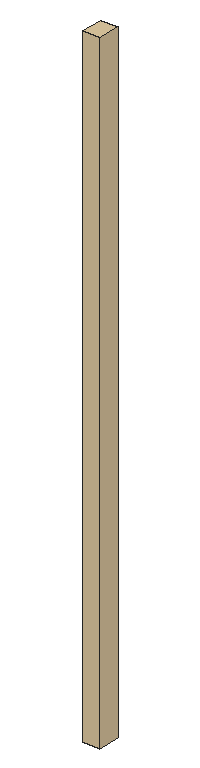
Revit family "Techlam Standard Post-65mm", category Structural Columns, Revit 2016
Family settings
  Section Shape = Not Defined
  Material for Model Behavior = Wood
  Always export as geometry = No
  Beam cutback in plan = From bounding box
  Cut with Voids When Loaded = No
  Symbolic Representation = From Project Settings
  Shared = No
  Show family pre-cut in plan views = Yes
Parameters (values of type "88 x 65")
  b = 65 mm
  d = 88 mm
  Structural Material [instance] = Wood - Dimensional Lumber
Types (21, lengths in mm): name | d
  88 x 65 | 88
  135 x 65 | 135
  140 x 65 | 140
  180 x 65 | 180
  190 x 65 | 190
  225 x 65 | 225
  240 x 65 | 240
  270 x 65 | 270
  290 x 65 | 290
  315 x 65 | 315
  360 x 65 | 360
  405 x 65 | 405
  450 x 65 | 450
  495 x 65 | 495
  540 x 65 | 540
  585 x 65 | 585
  630 x 65 | 630
  675 x 65 | 675
  720 x 65 | 720
  765 x 65 | 765
  810 x 65 | 810
Reference planes
  plane 1 "Center (Front/Back)": y = 0
  plane 2: z = 0
  plane 3 "Center (Left/Right)": x = 0
  plane 4: x = -32.5
  plane 5: x = 32.5
  plane 6: y = 44
  plane 7: y = -44
Forms (mm)
  Extrusion 1, solid, material "Wood - Dimensional Lumber" <- "Structural Material", detail levels medium+fine
    sketch origin (0, 0, 0) x (1, 0, 0) y (0, 1, 0)
      loop
        line (-32.5, 44) -> (-32.5, -44) -> (32.5, -44) -> (32.5, 44) -> (-32.5, 44)
    from 0 to 2500
Lines and regions (mm)
  symbolic lines, style "StructuralColumnStickSymbols", detail levels coarse
    curve 1: line (-32.5, 44, 0) -> (32.5, 44, 0)
    curve 2: line (-32.5, -44, 0) -> (32.5, -44, 0)
    curve 3: line (-32.5, 44, 0) -> (-32.5, -44, 0)
    curve 4: line (32.5, 44, 0) -> (32.5, -44, 0)
Dimensions and locks
  equal spacing: plane 4, plane 3 "Center (Left/Right)", plane 5
  equal spacing: plane 7, plane 1 "Center (Front/Back)", plane 6
  "d": plane 7 to plane 6
  "b": plane 4 to plane 5
  aligned and locked: plane 6 to Extrusion 1 sketch curve
  aligned and locked: Extrusion 1 sketch curve to plane 7
  aligned and locked: Extrusion 1 sketch curve to plane 4
  aligned and locked: plane 5 to Extrusion 1 sketch curve
  aligned and locked: level to Extrusion 1
  aligned and locked: level to plane 2
  aligned and locked: Extrusion 1 to plane 2
Automatic sketch dimensions
  curve 3 to plane 4 = 0 mm
  curve 4 to plane 5 = 0 mm
  curve 3 to plane 7 = 0 mm
  curve 3 to plane 6 = 0 mm
